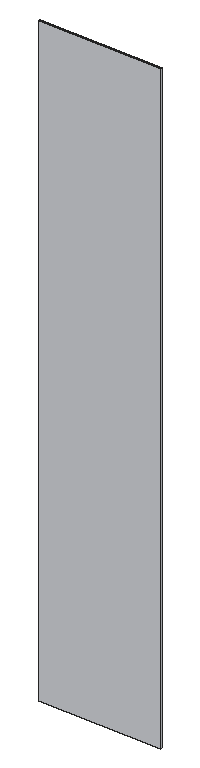
Revit family "PanelAuto", category Generic Models, Revit 2019
Family settings
  Can host rebar = No
  Round Connector Dimension = Use Diameter
  Part Type = Normal
  Work Plane-Based = No
  Always vertical = Yes
  Cut with Voids When Loaded = No
  Shared = No
  Room Calculation Point = No
Parameters (values of type "600-3000")
  Width = 600 mm
  Thickness = 10 mm
  Height = 3000 mm
  HalfW = 0.5 * Width  # 300 mm
Reference planes
  plane 1 "Center (Front/Back)": y = 0
  plane 2: z = 0
  plane 3 "Center (Left/Right)": x = 0
  plane 4: x = 300
  plane 5: x = -300
  plane 6: z = 3000
  plane 7: y = -10
Forms (mm)
  Extrusion 1, solid
    sketch origin (0, 0, 0) x (1, 0, 0) y (0, 1, 0)
      loop
        line (-300, 0) -> (-300, -10) -> (300, -10) -> (300, 0) -> (-300, 0)
    from 0 to 3000 <- "Height"
Dimensions and locks
  "HalfW": plane 5 to plane 3 "Center (Left/Right)"
  "HalfW": plane 3 "Center (Left/Right)" to plane 4
  "Height": plane 6 to level
  "Thickness": plane 7 to plane 1 "Center (Front/Back)"
  aligned and locked: level to plane 2
Automatic sketch dimensions
  Extrusion 1 sketch curve to plane 5 = 0 mm
  Extrusion 1 sketch curve to plane 4 = 0 mm
  Extrusion 1 sketch curve to plane 7 = 0 mm
  plane 1 "Center (Front/Back)" to Extrusion 1 sketch curve = 0 mm
